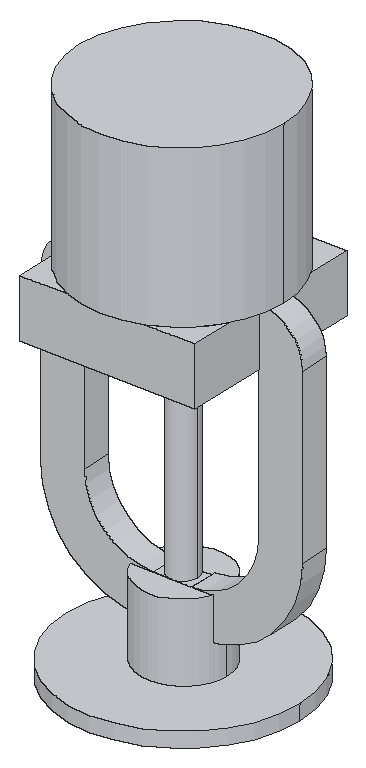
Revit family
Parameters (values of type "RASCO F1FR56-300 Pendent")
  Temperature Rating = 200 °F
  Response = 1
  RASCO SIN # = "RA2614"
  RASCO Part # = "F1FR56P2B3"
  Pressure Rating = "300 PSI"
  Pressure Class = 1
  Orifice Size = 1/2"
  Orifice = (empty or 0)
  Model = "F1FR56-300"
  Manufacturer = "RASCO"
  K-Factor = 5.6
  Description = "BRONZE Finish"
  Coverage = (empty or 0)
Reference planes (in)
  plane 1 "Center (Front/Back)": y = 0
  plane 2: z = 0
  plane 3 "Center (Left/Right)": x = 0
Dimensions and locks (in)
  aligned and locked: plane 2 to level
Nested families (in)
  nested 1: "F1FR56P2B3rfa" at (-0.0113, 0, 2.4375) x (-1, 0, 0) z (0, 0, -1), type "RASCO F1FR56-300 PENDENT"
Connectors (in)
  piping at (-0.0113, 0, 2.4375)
    settings: on nested 1, index 1, connector radius 115/256", flow factor 0, pipe flow 0 GPM, pressure drop 0.00 psi, fitting loss kfactor 0, connector angle 0.00°, fixture units 0, flow configuration 0, flow direction 0, fitting loss method 0, system type 7, connector reference index -1, connector utility 0, adjustable connector no, is connector primary yes, fitting loss table "", connector description ""
Definition of nested family "F1FR56P2B3rfa"
  Parameters (values of type "RASCO F1FR56-300 PENDENT")
    Type Comments = ""
    Temperature Rating = 0 °F
    Response = (empty or 0)
    Pressure Rating = "0"
    Pressure Class = (empty or 0)
    Orifice Size = 0"
    Orifice = (empty or 0)
    Model = ""
    Manufacturer = ""
    K-Factor = 0
    Description = ""
    Coverage = (empty or 0)
    Assembly Code = ""
  Reference planes (in)
    plane 1 "Center (Front/Back)": y = 0
    plane 2: z = 0
    plane 3 "ref.2": z = 0.6875
    plane 4 "ref.3": z = 0.9375
    plane 5: x = -0.38065
    plane 6: x = 0.36935
    plane 7 "ref. side 1": y = 0.06402
    plane 8 "ref. side 2": y = -0.06098
    plane 9 "ref.4": z = 1.875
    plane 10 "ref.5": z = 2.3125
    plane 11 "ref.6": z = 2.4375
  Forms (in)
    Extrusion 1, solid
      sketch origin (0, 0, 0) x (1, 0, 0) y (0, 1, 0)
        loop
          circle (0, 0) r 0.4379
      from 0 to 0.6875
    Extrusion 2, solid
      sketch origin (-0.12185, 0.05177, 0.6875) x (1, 0, 0) y (0, 1, 0)
        loop
          line (-0.2588, 0.356) -> (-0.2588, -0.4565) -> (0.4912, -0.4565) -> (0.4912, 0.356) -> (-0.2588, 0.356)
      from 0 to 0.25
    Extrusion 3, solid
      sketch origin (0, 0, 0) x (1, 0, 0) y (0, 0, 1)
        loop
          line (-0.38065, 0.68754) -> (-0.38065, 1.58397)
          arc (-0.38065, 1.58397) -> (-0.29541, 1.78976) -> (-0.08962, 1.875) r 0.29103
          line (-0.08962, 1.875) -> (0.07524, 1.875)
          arc (0.07524, 1.875) -> (0.28321, 1.78886) -> (0.36935, 1.58089) r 0.29411
          line (0.36935, 1.58089) -> (0.36935, 0.68751)
          arc (0.36935, 0.68751) -> (0.50207, 0.74393) -> (0.55685, 0.87734) r 0.18984
          line (0.55685, 0.87734) -> (0.55685, 1.61676)
          arc (0.55685, 1.61676) -> (0.42629, 1.93194) -> (0.11111, 2.0625) r 0.44574
          line (0.11111, 2.0625) -> (-0.12259, 2.0625)
          arc (-0.12259, 2.0625) -> (-0.43765, 1.932) -> (-0.56815, 1.61694) r 0.44556
          line (-0.56815, 1.61694) -> (-0.56815, 0.87876)
          arc (-0.56815, 0.87876) -> (-0.51345, 0.74486) -> (-0.38065, 0.68754) r 0.19126
      from -0.06402 to 0.06098
    Extrusion 4, solid
      sketch origin (0, 0, 0.9375) x (-1, 0, 0) y (0, -1, 0)
        loop
          circle (0.00574, -0.00152) r 0.0625
      from 0 to 0.9375
    Extrusion 5, solid
      sketch origin (0, 0, 1.875) x (-1, 0, 0) y (0, -1, 0)
        loop
          circle (0.00574, -0.00152) r 0.1875
      from 0 to 0.4375
    Extrusion 6, solid
      sketch origin (0, 0, 2.3125) x (0, -1, 0) y (1, 0, 0)
        loop
          circle (-0.00152, -0.00574) r 0.5
      from -0.10531 to -0.03987
  Cuts and joins
    joined: Extrusion 1, Extrusion 2, Extrusion 4
  Lines and regions (in)
    model lines
      curve 1: line (-0.00574, 0.06402, 1.875) -> (-0.00574, -0.06098, 1.875)
